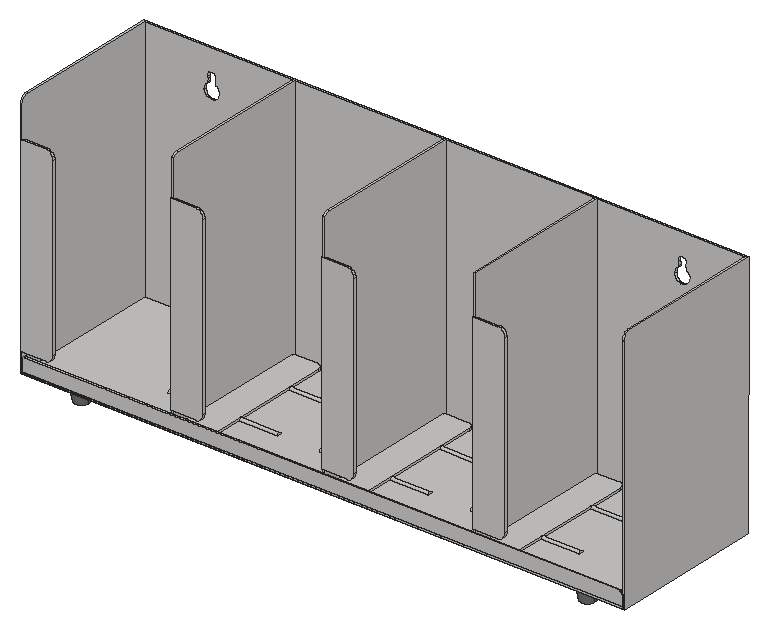
Revit family "QF_Vollrath_CTL4", category Specialty Equipment, Revit 2016
Family settings
  Part Type = Normal
  Round Connector Dimension = Use Diameter
  OmniClass Number = 23.40.40.00
  OmniClass Title = Food Service Equipment and Furnishings
  Work Plane-Based = Yes
  Always vertical = Yes
  Cut with Voids When Loaded = No
  Shared = No
  Room Calculation Point = No
Parameters
  Width = 19.5"
  Weight in Pounds = 0
  Watermarked By = ""
  URL Cutsheet = ""
  Specification by User [instance] = ""
  Specification by Manufacturer [instance] = ""
  Serial Number [instance] = ""
  Revision Code [instance] = ""
  NAFEM Spec ID Number [instance] = ""
  Model = "CTL-4"
  Masterspec [instance] = ""
  Manufacturer = "Vollrath"
  Item Number [instance] = "-"
  Installed By [instance] = ""
  Height = 8"
  Furnished By [instance] = ""
  Foodservice Equipment Identifier = yes
  Description = "4 Section Adjustable Organizer"
  Depth = 5"
  Default Elevation = 48"
  CSI MasterFormat = ""
Reference planes (in)
  plane 1 "BACK": y = 0
  plane 2 "BOTTOM": z = 0
  plane 3 "LEFT": x = -16.56573
  plane 4 "RIGHT": x = 2.93427
  plane 5 "FRONT": y = -5
  plane 6 "TOP": z = 8.4742
  plane 7 "Bottom of Body": z = 0.4742
  plane 8: x = -11.69073
  plane 9: x = -6.81573
  plane 10 "Caster Left": x = -14.98573
  plane 11 "Caster Right": x = 1.35427
  plane 12 "Caster Back": y = -0.5
  plane 13 "Caster Front": y = -4.5
  plane 14 "B1": y = -1.5
  plane 15 "F1": y = -3.5
  plane 16: x = -10.66073
  plane 17: x = -5.78573
  plane 18: x = -9.41073
  plane 19 "Left Low Bumper": x = -12.94073
  plane 20: x = -8.06573
  plane 21: x = -4.53573
  plane 22: x = -3.19073
  plane 23: x = -1.94073
  plane 24: x = -0.91073
Forms (in)
  Blend 1, solid, material "QF_Rubber-Black"
    base sketch origin (0, 0, 0) x (1, 0, 0) y (0, 1, 0)
      loop
        circle (-14.98573, -0.5) r 0.23
    top sketch origin (0, 0, 0) x (1, 0, 0) y (0, 1, 0)
      loop
        circle (-14.98573, -0.5) r 0.33
    from 0 to 0.4742
  Blend 2, solid, material "QF_Rubber-Black"
    base sketch origin (0, 0, 0) x (1, 0, 0) y (0, 1, 0)
      loop
        circle (-14.98573, -4.5) r 0.23
    top sketch origin (0, 0, 0) x (1, 0, 0) y (0, 1, 0)
      loop
        circle (-14.98573, -4.5) r 0.33
    from 0 to 0.4742
  Blend 3, solid, material "QF_Rubber-Black"
    base sketch origin (0, 0, 0) x (1, 0, 0) y (0, 1, 0)
      loop
        circle (1.35427, -0.5) r 0.23
    top sketch origin (0, 0, 0) x (1, 0, 0) y (0, 1, 0)
      loop
        circle (1.35427, -0.5) r 0.33
    from 0 to 0.4742
  Blend 4, solid, material "QF_Rubber-Black"
    base sketch origin (0, 0, 0) x (1, 0, 0) y (0, 1, 0)
      loop
        circle (1.35427, -4.5) r 0.23
    top sketch origin (0, 0, 0) x (1, 0, 0) y (0, 1, 0)
      loop
        circle (1.35427, -4.5) r 0.33
    from 0 to 0.4742
  Extrusion 5, solid, material "QF_Stainless-Polished"
    sketch origin (0, 0, 0.4742) x (0, 1, 0) y (-1, 0, 0)
      loop
        line (0, 16.56573) -> (-5, 16.56573) -> (-5, -2.93427) -> (0, -2.93427) -> (0, 16.56573)
    from 0 to 0.06
  Extrusion 6, solid, material "QF_Stainless-Polished"
    sketch origin (0, 0, 0) x (1, 0, 0) y (0, 0, 1)
      loop
        line (2.93427, 8.4742) -> (-16.56573, 8.4742) -> (-16.56573, 0.4742) -> (2.93427, 0.4742) -> (2.93427, 8.4742)
    from 0 to 0.06
  Extrusion 7, solid, material "QF_Stainless-Polished"
    sketch origin (-16.56573, 0, 0) x (0, 1, 0) y (0, 0, 1)
      loop
        line (0, 8.4742) -> (-4.75, 8.4742)
        arc (-4.75, 8.4742) -> (-4.92678, 8.40098) -> (-5, 8.2242) r 0.25
        line (-5, 8.2242) -> (-5, 0.4742) -> (0, 0.4742) -> (0, 8.4742)
    from 0 to 0.06
  Extrusion 8, solid, material "QF_Stainless-Polished"
    sketch origin (2.93427, 0, 0) x (0, 1, 0) y (0, 0, 1)
      loop
        line (0, 8.4742) -> (-4.75, 8.4742)
        arc (-4.75, 8.4742) -> (-4.92678, 8.40098) -> (-5, 8.2242) r 0.25
        line (-5, 8.2242) -> (-5, 0.4742) -> (0, 0.4742) -> (0, 8.4742)
    from 0 to -0.06
  Extrusion 9, solid, material "QF_Stainless-Polished"
    sketch origin (0, -5, 0) x (1, 0, 0) y (0, 0, 1)
      loop
        line (-16.50573, 0.4742) -> (2.87427, 0.4742) -> (2.87427, 0.8742)
        arc (2.87427, 0.8742) -> (2.84499, 0.94491) -> (2.77427, 0.9742) r 0.1
        line (2.77427, 0.9742) -> (-16.40573, 0.9742)
        arc (-16.40573, 0.9742) -> (-16.47644, 0.94491) -> (-16.50573, 0.8742) r 0.1
        line (-16.50573, 0.8742) -> (-16.50573, 0.4742)
    from 0 to -0.06
  Extrusion 10, solid, material "QF_Stainless-Polished"
    sketch origin (0, 0, 0.4742) x (0, 1, 0) y (-1, 0, 0)
      loop
        line (-0.06, 11.72073) -> (-4.94, 11.72073) -> (-4.94, 11.66073) -> (-0.06, 11.66073) -> (-0.06, 11.72073)
    from 0 to 8
  Extrusion 11, solid, material "QF_Stainless-Polished"
    sketch origin (0, 0, 0.4742) x (0, 1, 0) y (-1, 0, 0)
      loop
        line (-0.06, 6.84573) -> (-4.94, 6.84573) -> (-4.94, 6.78573) -> (-0.06, 6.78573) -> (-0.06, 6.84573)
    from 0 to 8
  Extrusion 12, void
    sketch origin (-16.56573, 0, 0) x (0, 1, 0) y (0, 0, 1)
      loop
        line (-4.75, 8.4742) -> (-5, 8.4742) -> (-5, 8.2242)
        arc (-5, 8.2242) -> (-4.92678, 8.40098) -> (-4.75, 8.4742) r 0.25
    from 0 to 19.5
  Extrusion 13, solid, material "QF_Stainless-Polished"
    sketch origin (0, -5, 0) x (1, 0, 0) y (0, 0, 1)
      loop
        line (-11.72073, 7.2242) -> (-11.72073, 1.0942) -> (-10.91073, 1.0942)
        arc (-10.91073, 1.0942) -> (-10.73395, 1.16742) -> (-10.66073, 1.3442) r 0.25
        line (-10.66073, 1.3442) -> (-10.66073, 6.9742)
        arc (-10.66073, 6.9742) -> (-10.73395, 7.15098) -> (-10.91073, 7.2242) r 0.25
        line (-10.91073, 7.2242) -> (-11.72073, 7.2242)
    from 0 to -0.06
  Extrusion 14, solid, material "QF_Stainless-Polished"
    sketch origin (0, -5, 0) x (1, 0, 0) y (0, 0, 1)
      loop
        line (-6.03573, 7.2242) -> (-6.84573, 7.2242) -> (-6.84573, 1.0942) -> (-6.03573, 1.0942)
        arc (-6.03573, 1.0942) -> (-5.85895, 1.16742) -> (-5.78573, 1.3442) r 0.25
        line (-5.78573, 1.3442) -> (-5.78573, 6.9742)
        arc (-5.78573, 6.9742) -> (-5.85895, 7.15098) -> (-6.03573, 7.2242) r 0.25
    from 0 to -0.06
  Extrusion 15, solid, material "QF_Stainless-Polished"
    sketch origin (0, -5, 0) x (1, 0, 0) y (0, 0, 1)
      loop
        line (-15.75573, 7.2242) -> (-16.56573, 7.2242) -> (-16.56573, 1.0942) -> (-15.75573, 1.0942)
        arc (-15.75573, 1.0942) -> (-15.57895, 1.16742) -> (-15.50573, 1.3442) r 0.25
        line (-15.50573, 1.3442) -> (-15.50573, 6.9742)
        arc (-15.50573, 6.9742) -> (-15.57895, 7.15098) -> (-15.75573, 7.2242) r 0.25
    from 0 to -0.06
  Extrusion 16, solid, material "QF_Stainless-Polished"
    sketch origin (0, 0, 0.5342) x (0, 1, 0) y (-1, 0, 0)
      loop
        line (-4.88, 11.66073) -> (-4.88, 10.91073)
        arc (-4.88, 10.91073) -> (-4.80678, 10.73395) -> (-4.63, 10.66073) r 0.25
        line (-4.63, 10.66073) -> (-0.37, 10.66073)
        arc (-0.37, 10.66073) -> (-0.19322, 10.73395) -> (-0.12, 10.91073) r 0.25
        line (-0.12, 10.91073) -> (-0.12, 11.66073) -> (-4.88, 11.66073)
    from 0 to 0.06
  Extrusion 17, solid, material "QF_Stainless-Polished"
    sketch origin (0, 0, 0.5342) x (0, 1, 0) y (-1, 0, 0)
      loop
        line (-0.12, 6.03573) -> (-0.12, 6.78573) -> (-4.88, 6.78573) -> (-4.88, 6.03573)
        arc (-4.88, 6.03573) -> (-4.80678, 5.85895) -> (-4.63, 5.78573) r 0.25
        line (-4.63, 5.78573) -> (-0.37, 5.78573)
        arc (-0.37, 5.78573) -> (-0.19322, 5.85895) -> (-0.12, 6.03573) r 0.25
    from 0 to 0.06
  Sweep 18, solid, material "QF_Stainless-Polished"
    path origin (0, 0, 0.4742) x (0, 1, 0) y (-1, 0, 0)
      loop
        line (-1.5, 12.94073) -> (-1.5, 11.72073)
    profile origin (-12.33073, -1.5, 0.4742) x (0, 1, 0) y (0, 0, 1)
      loop
        arc (0.06, 0.06) -> (0, 0.12) -> (-0.06, 0.06) r 0.06
        line (-0.06, 0.06) -> (0.06, 0.06)
  Sweep 19, solid, material "QF_Stainless-Polished"
    path origin (0, 0, 0.4742) x (0, 1, 0) y (-1, 0, 0)
      loop
        line (-3.5, 12.94073) -> (-3.5, 11.72073)
    profile origin (-12.33073, -3.5, 0.4742) x (0, 1, 0) y (0, 0, 1)
      loop
        line (-0.06, 0.06) -> (0.06, 0.06)
        arc (0.06, 0.06) -> (0, 0.12) -> (-0.06, 0.06) r 0.06
  Sweep 20, solid, material "QF_Stainless-Polished"
    path origin (0, 0, 0.4742) x (0, 1, 0) y (-1, 0, 0)
      loop
        line (-1.5, 10.66073) -> (-1.5, 9.41073)
    profile origin (-10.03573, -1.5, 0.4742) x (0, 1, 0) y (0, 0, 1)
      loop
        line (-0.06, 0.06) -> (0.06, 0.06)
        arc (0.06, 0.06) -> (0, 0.12) -> (-0.06, 0.06) r 0.06
  Sweep 21, solid, material "QF_Stainless-Polished"
    path origin (0, 0, 0.4742) x (0, 1, 0) y (-1, 0, 0)
      loop
        line (-3.5, 10.66073) -> (-3.5, 9.41073)
    profile origin (-10.03573, -3.5, 0.4742) x (0, 1, 0) y (0, 0, 1)
      loop
        line (-0.06, 0.06) -> (0.06, 0.06)
        arc (0.06, 0.06) -> (0, 0.12) -> (-0.06, 0.06) r 0.06
  Sweep 22, solid, material "QF_Stainless-Polished"
    path origin (0, 0, 0.4742) x (0, 1, 0) y (-1, 0, 0)
      loop
        line (-1.5, 6.84573) -> (-1.5, 8.06573)
    profile origin (-7.45573, -1.5, 0.4742) x (0, -1, 0) y (0, 0, 1)
      loop
        arc (0.06, 0.06) -> (0, 0.12) -> (-0.06, 0.06) r 0.06
        line (-0.06, 0.06) -> (0.06, 0.06)
  Sweep 23, solid, material "QF_Stainless-Polished"
    path origin (0, 0, 0.4742) x (0, 1, 0) y (-1, 0, 0)
      loop
        line (-3.5, 8.06573) -> (-3.5, 6.84573)
    profile origin (-7.45573, -3.5, 0.4742) x (0, 1, 0) y (0, 0, 1)
      loop
        line (-0.06, 0.06) -> (0.06, 0.06)
        arc (0.06, 0.06) -> (0, 0.12) -> (-0.06, 0.06) r 0.06
  Sweep 24, solid, material "QF_Stainless-Polished"
    path origin (0, 0, 0.4742) x (0, 1, 0) y (-1, 0, 0)
      loop
        line (-1.5, 5.78573) -> (-1.5, 4.53573)
    profile origin (-5.16073, -1.5, 0.4742) x (0, 1, 0) y (0, 0, 1)
      loop
        line (-0.06, 0.06) -> (0.06, 0.06)
        arc (0.06, 0.06) -> (0, 0.12) -> (-0.06, 0.06) r 0.06
  Sweep 25, solid, material "QF_Stainless-Polished"
    path origin (0, 0, 0.4742) x (0, 1, 0) y (-1, 0, 0)
      loop
        line (-3.5, 5.78573) -> (-3.5, 4.53573)
    profile origin (-5.16073, -3.5, 0.4742) x (0, 1, 0) y (0, 0, 1)
      loop
        line (-0.06, 0.06) -> (0.06, 0.06)
        arc (0.06, 0.06) -> (0, 0.12) -> (-0.06, 0.06) r 0.06
  Extrusion 26, void
    sketch origin (0, 0, 0) x (1, 0, 0) y (0, 0, 1)
      loop
        arc (-14.4757, 7.42693) -> (-14.55197, 7.33806) -> (-14.57941, 7.2242) r 0.25
        arc (-14.57941, 7.2242) -> (-14.32941, 6.9742) -> (-14.07941, 7.2242) r 0.25
        arc (-14.07941, 7.2242) -> (-14.10639, 7.33718) -> (-14.18153, 7.42577) r 0.25
        arc (-14.18153, 7.42577) -> (-14.20453, 7.45534) -> (-14.20553, 7.49278) r 0.06004
        arc (-14.20553, 7.49278) -> (-14.20619, 7.56937) -> (-14.20172, 7.64582) r 1.14202
        arc (-14.20172, 7.64582) -> (-14.3353, 7.78991) -> (-14.45513, 7.6342) r 0.12864
        arc (-14.45513, 7.6342) -> (-14.44524, 7.54991) -> (-14.4517, 7.46528) r 0.4408
        arc (-14.4517, 7.46528) -> (-14.45994, 7.44376) -> (-14.4757, 7.42693) r 0.06
    from 0 to 0.06
  Extrusion 27, void
    sketch origin (0, 0, 0) x (1, 0, 0) y (0, 0, 1)
      loop
        arc (1.11462, 7.2242) -> (1.08719, 7.33806) -> (1.01091, 7.42693) r 0.25
        arc (1.01091, 7.42693) -> (0.99516, 7.44376) -> (0.98691, 7.46528) r 0.06
        arc (0.98691, 7.46528) -> (0.98046, 7.54991) -> (0.99035, 7.6342) r 0.4408
        arc (0.99035, 7.6342) -> (0.86462, 7.79005) -> (0.7389, 7.6342) r 0.12864
        arc (0.7389, 7.6342) -> (0.74878, 7.54991) -> (0.74233, 7.46528) r 0.4408
        arc (0.74233, 7.46528) -> (0.73408, 7.44376) -> (0.71833, 7.42693) r 0.06
        arc (0.71833, 7.42693) -> (0.64205, 7.33806) -> (0.61462, 7.2242) r 0.25
        arc (0.61462, 7.2242) -> (0.86462, 6.9742) -> (1.11462, 7.2242) r 0.25
    from 0 to 0.06
  Extrusion 28, solid, material "QF_Stainless-Polished"
    sketch origin (0, 0, 0.4742) x (0, 1, 0) y (-1, 0, 0)
      loop
        line (-0.06, 1.97073) -> (-4.94, 1.97073) -> (-4.94, 1.91073) -> (-0.06, 1.91073) -> (-0.06, 1.97073)
    from 0 to 8
  Extrusion 29, solid, material "QF_Stainless-Polished"
    sketch origin (0, 0, 0.5342) x (0, 1, 0) y (-1, 0, 0)
      loop
        line (-0.12, 1.16073) -> (-0.12, 1.91073) -> (-4.88, 1.91073) -> (-4.88, 1.16073)
        arc (-4.88, 1.16073) -> (-4.80678, 0.98395) -> (-4.63, 0.91073) r 0.25
        line (-4.63, 0.91073) -> (-0.37, 0.91073)
        arc (-0.37, 0.91073) -> (-0.19322, 0.98395) -> (-0.12, 1.16073) r 0.25
    from 0 to 0.06
  Extrusion 30, solid, material "QF_Stainless-Polished"
    sketch origin (0, -5, 0) x (1, 0, 0) y (0, 0, 1)
      loop
        line (-1.16073, 7.2242) -> (-1.97073, 7.2242) -> (-1.97073, 1.0942) -> (-1.16073, 1.0942)
        arc (-1.16073, 1.0942) -> (-0.98395, 1.16742) -> (-0.91073, 1.3442) r 0.25
        line (-0.91073, 1.3442) -> (-0.91073, 6.9742)
        arc (-0.91073, 6.9742) -> (-0.98395, 7.15098) -> (-1.16073, 7.2242) r 0.25
    from 0 to -0.06
  Sweep 31, solid, material "QF_Stainless-Polished"
    path origin (0, 0, 0.4742) x (0, 1, 0) y (-1, 0, 0)
      loop
        line (-1.5, 3.19073) -> (-1.5, 1.97073)
    profile origin (-2.58073, -1.5, 0.4742) x (0, 1, 0) y (0, 0, 1)
      loop
        line (-0.06, 0.06) -> (0.06, 0.06)
        arc (0.06, 0.06) -> (0, 0.12) -> (-0.06, 0.06) r 0.06
  Sweep 32, solid, material "QF_Stainless-Polished"
    path origin (0, 0, 0.4742) x (0, 1, 0) y (-1, 0, 0)
      loop
        line (-3.5, 3.19073) -> (-3.5, 1.97073)
    profile origin (-2.58073, -3.5, 0.4742) x (0, 1, 0) y (0, 0, 1)
      loop
        line (-0.06, 0.06) -> (0.06, 0.06)
        arc (0.06, 0.06) -> (0, 0.12) -> (-0.06, 0.06) r 0.06
  Sweep 33, solid, material "QF_Stainless-Polished"
    path origin (0, 0, 0.4742) x (0, 1, 0) y (-1, 0, 0)
      loop
        line (-1.5, 0.91073) -> (-1.5, -0.33927)
    profile origin (-0.28573, -1.5, 0.4742) x (0, 1, 0) y (0, 0, 1)
      loop
        line (-0.06, 0.06) -> (0.06, 0.06)
        arc (0.06, 0.06) -> (0, 0.12) -> (-0.06, 0.06) r 0.06
  Sweep 34, solid, material "QF_Stainless-Polished"
    path origin (0, 0, 0.4742) x (0, 1, 0) y (-1, 0, 0)
      loop
        line (-3.5, 0.91073) -> (-3.5, -0.33927)
    profile origin (-0.28573, -3.5, 0.4742) x (0, 1, 0) y (0, 0, 1)
      loop
        line (-0.06, 0.06) -> (0.06, 0.06)
        arc (0.06, 0.06) -> (0, 0.12) -> (-0.06, 0.06) r 0.06
Cuts and joins
  Extrusion 12, Extrusion 26, Extrusion 27 cuts Extrusion 5
  Extrusion 12, Extrusion 26, Extrusion 27 cuts Extrusion 6
  Extrusion 12, Extrusion 26, Extrusion 27 cuts Extrusion 7
  Extrusion 12, Extrusion 26, Extrusion 27 cuts Extrusion 8
  Extrusion 12, Extrusion 26, Extrusion 27 cuts Extrusion 10
  Extrusion 12, Extrusion 26, Extrusion 27 cuts Extrusion 11
  Extrusion 26, Extrusion 27 cuts Extrusion 13
  Extrusion 26, Extrusion 27 cuts Extrusion 14
  Extrusion 26, Extrusion 27 cuts Extrusion 15
  Extrusion 26, Extrusion 27 cuts Extrusion 16
  Extrusion 26, Extrusion 27 cuts Extrusion 17
  joined: Extrusion 5, Extrusion 6, Extrusion 7, Extrusion 8, Extrusion 10, Extrusion 11, Extrusion 13, Extrusion 14, Extrusion 15, Extrusion 16, Extrusion 17, Extrusion 28, Extrusion 30
Lines and regions (in)
  symbolic lines
    curve 1: line (-16.56573, 0, 0.4742) -> (2.93427, 0, 0.4742)
    curve 2: line (-16.56573, -5, 0.4742) -> (-16.56573, 0, 0.4742)
    curve 3: line (2.93427, -5, 0.4742) -> (-16.56573, -5, 0.4742)
    curve 4: line (2.93427, 0, 0.4742) -> (2.93427, -5, 0.4742)
  symbolic lines, style "QF_Details_Surface"
    curve 5: line (-16.50573, -0.06, 0.4742) -> (2.87427, -0.06, 0.4742)
    curve 6: line (-16.50573, -4.94, 0.4742) -> (-16.50573, -0.06, 0.4742)
    curve 7: line (2.87427, -4.94, 0.4742) -> (-16.50573, -4.94, 0.4742)
    curve 8: line (2.87427, -0.06, 0.4742) -> (2.87427, -4.94, 0.4742)
    curve 9: line (-16.50573, -4.94, 0.4742) -> (-16.50573, -5, 0.4742)
    curve 10: line (2.87427, -4.94, 0.4742) -> (2.87427, -5, 0.4742)
    curve 11: line (-11.72073, -0.06, 0.4742) -> (-11.72073, -5, 0.4742)
    curve 12: line (-11.66073, -4.94, 0.4742) -> (-11.66073, -0.06, 0.4742)
    curve 13: line (-6.84573, -0.06, 0.4742) -> (-6.84573, -5, 0.4742)
    curve 14: line (-6.78573, -4.94, 0.4742) -> (-6.78573, -0.06, 0.4742)
    curve 15: line (-10.91073, -0.12, 0.4742) -> (-11.66073, -0.12, 0.4742)
    curve 16: line (-10.66073, -4.63, 0.4742) -> (-10.66073, -0.37, 0.4742)
    curve 17: arc (-10.66073, -0.37, 0.4742) -> (-10.73395, -0.19322, 0.4742) -> (-10.91073, -0.12, 0.4742) r 0.25
    curve 18: line (-11.66073, -4.88, 0.4742) -> (-10.91073, -4.88, 0.4742)
    curve 19: arc (-10.91073, -4.88, 0.4742) -> (-10.73395, -4.80678, 0.4742) -> (-10.66073, -4.63, 0.4742) r 0.25
    curve 20: line (-6.78573, -4.88, 0.4742) -> (-6.03573, -4.88, 0.4742)
    curve 21: arc (-6.03573, -4.88, 0.4742) -> (-5.85895, -4.80678, 0.4742) -> (-5.78573, -4.63, 0.4742) r 0.25
    curve 22: line (-5.78573, -4.63, 0.4742) -> (-5.78573, -0.37, 0.4742)
    curve 23: line (-6.03573, -0.12, 0.4742) -> (-6.78573, -0.12, 0.4742)
    curve 24: arc (-5.78573, -0.37, 0.4742) -> (-5.85895, -0.19322, 0.4742) -> (-6.03573, -0.12, 0.4742) r 0.25
    curve 25: line (-11.72073, -1.44, 0.4742) -> (-12.94073, -1.44, 0.4742)
    curve 26: line (-12.94073, -1.56, 0.4742) -> (-11.72073, -1.56, 0.4742)
    curve 27: line (-12.94073, -1.56, 0.4742) -> (-12.94073, -1.44, 0.4742)
    curve 28: line (-12.94073, -3.44, 0.4742) -> (-11.72073, -3.44, 0.4742)
    curve 29: line (-11.72073, -3.56, 0.4742) -> (-12.94073, -3.56, 0.4742)
    curve 30: line (-12.94073, -3.56, 0.4742) -> (-12.94073, -3.44, 0.4742)
    curve 31: line (-9.41073, -3.56, 0.4742) -> (-10.66073, -3.56, 0.4742)
    curve 32: line (-10.66073, -3.44, 0.4742) -> (-9.41073, -3.44, 0.4742)
    curve 33: line (-9.41073, -3.56, 0.4742) -> (-9.41073, -3.44, 0.4742)
    curve 34: line (-9.41073, -1.56, 0.4742) -> (-10.66073, -1.56, 0.4742)
    curve 35: line (-10.66073, -1.44, 0.4742) -> (-9.41073, -1.44, 0.4742)
    curve 36: line (-9.41073, -1.56, 0.4742) -> (-9.41073, -1.44, 0.4742)
    curve 37: line (-8.06573, -1.56, 0.4742) -> (-6.84573, -1.56, 0.4742)
    curve 38: line (-6.84573, -1.44, 0.4742) -> (-8.06573, -1.44, 0.4742)
    curve 39: line (-8.06573, -1.44, 0.4742) -> (-8.06573, -1.56, 0.4742)
    curve 40: line (-6.84573, -3.56, 0.4742) -> (-8.06573, -3.56, 0.4742)
    curve 41: line (-8.06573, -3.44, 0.4742) -> (-6.84573, -3.44, 0.4742)
    curve 42: line (-8.06573, -3.56, 0.4742) -> (-8.06573, -3.44, 0.4742)
    curve 43: line (-4.53573, -3.56, 0.4742) -> (-5.78573, -3.56, 0.4742)
    curve 44: line (-5.78573, -3.44, 0.4742) -> (-4.53573, -3.44, 0.4742)
    curve 45: line (-4.53573, -3.56, 0.4742) -> (-4.53573, -3.44, 0.4742)
    curve 46: line (-4.53573, -1.56, 0.4742) -> (-5.78573, -1.56, 0.4742)
    curve 47: line (-5.78573, -1.44, 0.4742) -> (-4.53573, -1.44, 0.4742)
    curve 48: line (-4.53573, -1.56, 0.4742) -> (-4.53573, -1.44, 0.4742)
    curve 49: line (-1.97073, -0.06, 0.4742) -> (-1.97073, -5, 0.4742)
    curve 50: line (-1.91073, -4.94, 0.4742) -> (-1.91073, -0.06, 0.4742)
    curve 51: line (-1.16073, -0.12, 0.4742) -> (-1.91073, -0.12, 0.4742)
    curve 52: arc (-0.91073, -0.37, 0.4742) -> (-0.98395, -0.19322, 0.4742) -> (-1.16073, -0.12, 0.4742) r 0.25
    curve 53: line (-0.91073, -4.63, 0.4742) -> (-0.91073, -0.37, 0.4742)
    curve 54: arc (-1.16073, -4.88, 0.4742) -> (-0.98395, -4.80678, 0.4742) -> (-0.91073, -4.63, 0.4742) r 0.25
    curve 55: line (-1.91073, -4.88, 0.4742) -> (-1.16073, -4.88, 0.4742)
    curve 56: line (-3.19073, -3.44, 0.4742) -> (-1.97073, -3.44, 0.4742)
    curve 57: line (-1.97073, -3.56, 0.4742) -> (-3.19073, -3.56, 0.4742)
    curve 58: line (-3.19073, -3.56, 0.4742) -> (-3.19073, -3.44, 0.4742)
    curve 59: line (-1.97073, -1.56, 0.4742) -> (-3.19073, -1.56, 0.4742)
    curve 60: line (-3.19073, -1.44, 0.4742) -> (-1.97073, -1.44, 0.4742)
    curve 61: line (-3.19073, -1.56, 0.4742) -> (-3.19073, -1.44, 0.4742)
    curve 62: line (0.33927, -1.56, 0.4742) -> (-0.91073, -1.56, 0.4742)
    curve 63: line (-0.91073, -1.44, 0.4742) -> (0.33927, -1.44, 0.4742)
    curve 64: line (0.33927, -1.56, 0.4742) -> (0.33927, -1.44, 0.4742)
    curve 65: line (-0.91073, -3.44, 0.4742) -> (0.33927, -3.44, 0.4742)
    curve 66: line (0.33927, -3.56, 0.4742) -> (-0.91073, -3.56, 0.4742)
    curve 67: line (0.33927, -3.56, 0.4742) -> (0.33927, -3.44, 0.4742)
Dimensions and locks (in)
  "Width": plane 3 "LEFT" to plane 4 "RIGHT"
  "Depth": plane 5 "FRONT" to plane 1 "BACK"
  locked: plane 7 "Bottom of Body" to level at 0.4742
  "Height": plane 6 "TOP" to plane 7 "Bottom of Body"
  locked: plane 3 "LEFT" to plane 10 "Caster Left" at 1.58
  locked: plane 11 "Caster Right" to plane 4 "RIGHT" at 1.58
  locked: plane 12 "Caster Back" to plane 1 "BACK" at 0.5
  locked: plane 5 "FRONT" to plane 13 "Caster Front" at 0.5
  locked: plane 14 "B1" to plane 1 "BACK" at 1.5
  locked: plane 5 "FRONT" to plane 15 "F1" at 1.5
  locked: plane 9 to plane 17 at 1.03
  locked: plane 8 to plane 16 at 1.03
  locked: plane 16 to plane 18 at 1.25
  locked: plane 19 "Left Low Bumper" to plane 8 at 1.25
  locked: plane 20 to plane 9 at 1.25
  locked: plane 17 to plane 21 at 1.25
  locked: plane 22 to plane 23 at 1.25
  locked: plane 23 to plane 24 at 1.03
  equal spacing: plane 3 "LEFT", plane 8, plane 9, plane 23, plane 4 "RIGHT"
  aligned and locked: level to plane 2 "BOTTOM"
  aligned and locked: plane 7 "Bottom of Body" to Blend 1
  aligned and locked: plane 7 "Bottom of Body" to Blend 3
  aligned and locked: plane 7 "Bottom of Body" to Blend 2
  aligned and locked: plane 7 "Bottom of Body" to Blend 4
  aligned and locked: plane 1 "BACK" to Extrusion 5 sketch curve
  aligned and locked: plane 3 "LEFT" to Extrusion 5 sketch curve
  aligned and locked: Extrusion 5 sketch curve to plane 5 "FRONT"
  aligned and locked: Extrusion 5 sketch curve to plane 4 "RIGHT"
  aligned and locked: plane 6 "TOP" to Extrusion 6 sketch curve
  aligned and locked: Extrusion 6 sketch curve to Extrusion 5  (x2)
  aligned and locked: Extrusion 6 sketch curve to plane 4 "RIGHT"
  aligned and locked: Extrusion 10 sketch curve to Extrusion 9
  aligned and locked: plane 6 "TOP" to Extrusion 10
  aligned and locked: Extrusion 11 sketch curve to Extrusion 9
  aligned and locked: plane 6 "TOP" to Extrusion 11
  aligned and locked: plane 4 "RIGHT" to Extrusion 12
  aligned and locked: Extrusion 13 sketch curve to cut or joined group 1 (Extrusion 5, Extrusion 6, Extrusion 7, Extrusion 8, Extrusion 10, Extrusion 11, Extrusion 12, Extrusion 13, Extrusion 14, Extrusion 15, Extrusion 16, Extrusion 17, Extrusion 26, Extrusion 27, Extrusion 28, Extrusion 30)
  aligned and locked: cut or joined group 1 to Sweep 18 sketch curve
  aligned and locked: plane 14 "B1" to Sweep 18 sketch curve
  aligned and locked: plane 15 "F1" to Sweep 19 sketch curve
  aligned and locked: cut or joined group 1 to Sweep 19 sketch curve
  aligned and locked: plane 14 "B1" to Sweep 20 sketch curve
  aligned and locked: Sweep 20 sketch curve to Sweep 18
  aligned and locked: plane 15 "F1" to Sweep 21 sketch curve
  aligned and locked: Sweep 21 sketch curve to Sweep 19
  aligned and locked: Sweep 22 sketch curve to plane 14 "B1"
  aligned and locked: Sweep 22 sketch curve to Sweep 18
  aligned and locked: plane 15 "F1" to Sweep 23 sketch curve
  aligned and locked: Sweep 23 sketch curve to Sweep 19
  aligned and locked: plane 14 "B1" to Sweep 24 sketch curve
  aligned and locked: Sweep 24 sketch curve to Sweep 18
  aligned and locked: plane 15 "F1" to Sweep 25 sketch curve
  aligned and locked: Sweep 25 sketch curve to Sweep 19
  aligned and locked: curve 1 to cut or joined group 1
  aligned and locked: curve 2 to cut or joined group 1
  aligned and locked: curve 3 to cut or joined group 1
  aligned and locked: curve 4 to cut or joined group 1
  aligned and locked: curve 5 to cut or joined group 1
  aligned and locked: cut or joined group 1 to curve 6
  aligned and locked: curve 7 to Extrusion 9
  aligned and locked: curve 8 to Extrusion 9
  aligned and locked: curve 11 to cut or joined group 1
  aligned and locked: curve 12 to cut or joined group 1
  aligned and locked: curve 13 to cut or joined group 1
  aligned and locked: curve 14 to cut or joined group 1
  aligned and locked: curve 15 to cut or joined group 1
  aligned and locked: curve 16 to cut or joined group 1
  aligned and locked: cut or joined group 1 to curve 18
  aligned and locked: cut or joined group 1 to curve 20
  aligned and locked: curve 22 to cut or joined group 1
  aligned and locked: curve 23 to cut or joined group 1
  aligned and locked: curve 25 to Sweep 18
  aligned and locked: curve 26 to Sweep 18
  aligned and locked: curve 27 to Sweep 18
  aligned and locked: curve 28 to Sweep 19
  aligned and locked: curve 29 to Sweep 19
  aligned and locked: curve 30 to Sweep 19
  aligned and locked: curve 31 to Sweep 21
  aligned and locked: curve 32 to Sweep 21
  aligned and locked: curve 33 to Sweep 21
  aligned and locked: curve 34 to Sweep 20
  aligned and locked: curve 35 to Sweep 20
  aligned and locked: curve 36 to Sweep 20
  aligned and locked: curve 37 to Sweep 22
  aligned and locked: curve 38 to Sweep 22
  aligned and locked: curve 39 to Sweep 22
  aligned and locked: curve 40 to Sweep 23
  aligned and locked: curve 41 to Sweep 23
  aligned and locked: curve 42 to Sweep 23
  aligned and locked: curve 43 to Sweep 25
  aligned and locked: curve 44 to Sweep 25
  aligned and locked: curve 45 to Sweep 25
  aligned and locked: curve 46 to Sweep 24
  aligned and locked: curve 47 to Sweep 24
  aligned and locked: curve 48 to Sweep 24
  aligned and locked: cut or joined group 1 to Extrusion 28 sketch curve
  aligned and locked: Extrusion 9 to Extrusion 28 sketch curve
  aligned and locked: plane 6 "TOP" to Extrusion 28
  aligned and locked: plane 14 "B1" to Sweep 31 sketch curve
  aligned and locked: Sweep 31 sketch curve to Sweep 18
  aligned and locked: plane 15 "F1" to Sweep 32 sketch curve
  aligned and locked: Sweep 32 sketch curve to Sweep 19
  aligned and locked: Sweep 34 sketch curve to Sweep 19
  aligned and locked: curve 49 to cut or joined group 1
  aligned and locked: curve 50 to cut or joined group 1
  aligned and locked: curve 51 to Extrusion 29
  aligned and locked: Extrusion 29 to curve 55
  aligned and locked: curve 56 to Sweep 32
  aligned and locked: curve 57 to Sweep 32
  aligned and locked: curve 59 to Sweep 31
  aligned and locked: curve 60 to Sweep 31
  aligned and locked: curve 61 to Sweep 31
  aligned and locked: curve 62 to Sweep 33
  aligned and locked: Sweep 33 to curve 63
  aligned and locked: curve 64 to Sweep 33
  aligned and locked: Sweep 34 to curve 65
  aligned and locked: curve 66 to Sweep 34
  aligned and locked: curve 67 to Sweep 34
  aligned and locked: plane 24 to Extrusion 30 sketch curve
Automatic sketch dimensions
  Blend 1 sketch curve to plane 10 "Caster Left" = 0"  (x2)
  plane 12 "Caster Back" to Blend 1 sketch curve = 0"  (x2)
  Blend 2 sketch curve to plane 10 "Caster Left" = 0"  (x2)
  plane 13 "Caster Front" to Blend 2 sketch curve = 0"  (x2)
  Blend 3 sketch curve to plane 11 "Caster Right" = 0"  (x2)
  plane 12 "Caster Back" to Blend 3 sketch curve = 0"  (x2)
  Blend 4 sketch curve to plane 11 "Caster Right" = 0"  (x2)
  plane 13 "Caster Front" to Blend 4 sketch curve = 0"  (x2)
  Extrusion 7 sketch curve to Extrusion 7 sketch curve = 0.25"
  Extrusion 8 sketch curve to Extrusion 8 sketch curve = 0.25"
  Extrusion 9 sketch curve to plane 7 "Bottom of Body" = 0"
  plane 3 "LEFT" to Extrusion 9 sketch curve = 0.06"
  Extrusion 9 sketch curve to Extrusion 9 sketch curve = 0.1"
  Extrusion 9 sketch curve to plane 4 "RIGHT" = 0.16"
  Extrusion 9 sketch curve to plane 4 "RIGHT" = 0.06"
  Extrusion 9 sketch curve to Extrusion 9 sketch curve = 0.4"
  Extrusion 10 sketch curve to plane 8 = 0.03"
  plane 8 to Extrusion 10 sketch curve = 0.03"
  Extrusion 11 sketch curve to plane 9 = 0.03"
  plane 9 to Extrusion 11 sketch curve = 0.03"
  Extrusion 12 sketch curve to plane 5 "FRONT" = 0"  (x2)
  Extrusion 12 sketch curve to Extrusion 12 sketch curve = 0.25"
  level to Extrusion 12 sketch curve = 8.2242"
  plane 6 "TOP" to Extrusion 12 sketch curve = 0"
  plane 1 "BACK" to Extrusion 12 sketch curve = 4.75"
  Extrusion 12 sketch curve to plane 6 "TOP" = 0"
  Extrusion 13 sketch curve to Extrusion 13 sketch curve = 0.81"
  Extrusion 13 sketch curve to Extrusion 13 sketch curve = 0.25"  (x2)
  plane 7 "Bottom of Body" to Extrusion 13 sketch curve = 0.62"
  Extrusion 13 sketch curve to plane 6 "TOP" = 1.5"
  plane 8 to Extrusion 14 sketch curve = 5.655"
  Extrusion 14 sketch curve to plane 6 "TOP" = 1.5"
  Extrusion 14 sketch curve to Extrusion 14 sketch curve = 0.25"  (x2)
  plane 7 "Bottom of Body" to Extrusion 14 sketch curve = 0.87"
  plane 8 to Extrusion 14 sketch curve = 4.845"
  Extrusion 7 sketch curve to plane 5 "FRONT" = 0"
  Extrusion 7 sketch curve to plane 1 "BACK" = 0"
  Extrusion 7 sketch curve to plane 7 "Bottom of Body" = 0"
  Extrusion 7 sketch curve to plane 6 "TOP" = 0"
  Extrusion 8 sketch curve to plane 5 "FRONT" = 0"
  Extrusion 8 sketch curve to plane 1 "BACK" = 0"
  Extrusion 8 sketch curve to plane 7 "Bottom of Body" = 0"
  Extrusion 8 sketch curve to plane 6 "TOP" = 0"
  plane 1 "BACK" to Extrusion 10 sketch curve = 0.06"
  plane 1 "BACK" to Extrusion 11 sketch curve = 0.06"
  Extrusion 15 sketch curve to plane 8 = 4.065"
  Extrusion 15 sketch curve to Extrusion 15 sketch curve = 0.25"  (x2)
  Extrusion 15 sketch curve to plane 8 = 4.875"
  Extrusion 15 sketch curve to plane 6 "TOP" = 1.25"
  plane 7 "Bottom of Body" to Extrusion 15 sketch curve = 0.62"
  Extrusion 16 sketch curve to Extrusion 5 = 0.12"  (x2)
  Extrusion 16 sketch curve to Extrusion 16 sketch curve = 0.25"
  Extrusion 16 sketch curve to Extrusion 5 = 0.37"
  Extrusion 16 sketch curve to Extrusion 5 = 5.905"
  Extrusion 16 sketch curve to Extrusion 16 sketch curve = 0.75"
  Extrusion 17 sketch curve to Extrusion 5 = 0.12"  (x2)
  Extrusion 17 sketch curve to Extrusion 17 sketch curve = 0.25"
  Extrusion 17 sketch curve to Extrusion 5 = 0.37"
  Extrusion 17 sketch curve to Extrusion 5 = 8.72"
  Extrusion 17 sketch curve to Extrusion 17 sketch curve = 0.75"
  Sweep 18 sketch curve to plane 19 "Left Low Bumper" = 0"
  Sweep 18 sketch curve to plane 8 = 0.03"
  Sweep 18 sketch curve to profile plane = 0"
  Sweep 18 sketch curve to profile plane = 0.06"
  Sweep 19 sketch curve to plane 19 "Left Low Bumper" = 0"
  Sweep 19 sketch curve to plane 8 = 0.03"
  Sweep 19 sketch curve to profile plane = 0"
  profile plane to Sweep 19 sketch curve = 0.06"
  Sweep 20 sketch curve to plane 18 = 0"
  Sweep 20 sketch curve to plane 16 = 0"
  Sweep 20 sketch curve to profile plane = 0"
  profile plane to Sweep 20 sketch curve = 0.06"
  Sweep 21 sketch curve to plane 18 = 0"
  Sweep 21 sketch curve to plane 16 = 0"
  Sweep 21 sketch curve to profile plane = 0"
  profile plane to Sweep 21 sketch curve = 0.06"
  Sweep 22 sketch curve to plane 20 = 0"
  Sweep 22 sketch curve to plane 9 = 0.03"
  Sweep 22 sketch curve to profile plane = 0"
  Sweep 22 sketch curve to Sweep 22 sketch curve = 0.06"
  Sweep 23 sketch curve to plane 20 = 0"
  Sweep 23 sketch curve to plane 9 = 0.03"
  Sweep 23 sketch curve to profile plane = 0"
  profile plane to Sweep 23 sketch curve = 0.06"
  Sweep 24 sketch curve to plane 21 = 0"
  Sweep 24 sketch curve to plane 17 = 0"
  Sweep 24 sketch curve to profile plane = 0"
  profile plane to Sweep 24 sketch curve = 0.06"
  Sweep 25 sketch curve to plane 21 = 0"
  Sweep 25 sketch curve to plane 17 = 0"
  Sweep 25 sketch curve to profile plane = 0"
  profile plane to Sweep 25 sketch curve = 0.06"
  Extrusion 26 sketch curve to Extrusion 26 sketch curve = 0"  (x5)
  plane 10 "Caster Left" to Extrusion 26 sketch curve = 0.09977"
  Extrusion 26 sketch curve to Extrusion 26 sketch curve = 0.37515"
  Extrusion 26 sketch curve to Extrusion 26 sketch curve = 0.1814"  (x3)
  Extrusion 26 sketch curve to plane 19 "Left Low Bumper" = 0.1238"
  Extrusion 26 sketch curve to plane 6 "TOP" = 1.25"
  Extrusion 26 sketch curve to Extrusion 26 sketch curve = 0.25138"  (x2)
  Extrusion 26 sketch curve to Extrusion 26 sketch curve = 0.06537"  (x2)
  Extrusion 26 sketch curve to Extrusion 26 sketch curve = 0.18583"
  Extrusion 26 sketch curve to Extrusion 26 sketch curve = 0.25"
  Extrusion 26 sketch curve to Extrusion 26 sketch curve = 0.12572"
  Extrusion 26 sketch curve to Extrusion 26 sketch curve = 0.024"
  plane 13 "Caster Front" to curve 16 = 0.13"
  curve 16 to plane 12 "Caster Back" = 0.13"
  curve 20 to plane 17 = 0.25"
  curve 22 to plane 12 "Caster Back" = 0.13"
  Extrusion 27 sketch curve to Extrusion 27 sketch curve = 0"  (x5)
  Extrusion 27 sketch curve to plane 11 "Caster Right" = 1.0462"
  Extrusion 27 sketch curve to Extrusion 27 sketch curve = 0.37515"
  Extrusion 27 sketch curve to Extrusion 27 sketch curve = 0.1814"  (x3)
  plane 11 "Caster Right" to Extrusion 27 sketch curve = 0.0669"
  Extrusion 27 sketch curve to plane 6 "TOP" = 1.25"
  Extrusion 27 sketch curve to Extrusion 27 sketch curve = 0.25138"  (x2)
  Extrusion 27 sketch curve to Extrusion 27 sketch curve = 0.06537"  (x2)
  Extrusion 27 sketch curve to Extrusion 27 sketch curve = 0.18583"
  Extrusion 27 sketch curve to Extrusion 27 sketch curve = 0.25"
  Extrusion 27 sketch curve to Extrusion 27 sketch curve = 0.12572"
  Extrusion 27 sketch curve to Extrusion 27 sketch curve = 0.024"
  Extrusion 28 sketch curve to plane 23 = 0.03"
  plane 23 to Extrusion 28 sketch curve = 0.03"
  Extrusion 29 sketch curve to Extrusion 5 = 0.12"  (x2)
  Extrusion 29 sketch curve to Extrusion 29 sketch curve = 0.25"
  Extrusion 29 sketch curve to Extrusion 5 = 0.37"
  Extrusion 29 sketch curve to Extrusion 5 = 3.845"
  Extrusion 29 sketch curve to Extrusion 29 sketch curve = 0.75"
  Extrusion 30 sketch curve to plane 6 "TOP" = 1.5"
  Extrusion 30 sketch curve to Extrusion 30 sketch curve = 0.25"
  plane 7 "Bottom of Body" to Extrusion 30 sketch curve = 0.62"
  Extrusion 30 sketch curve to plane 6 "TOP" = 1.25"
  Extrusion 30 sketch curve to plane 23 = 0.03"
  Sweep 31 sketch curve to plane 22 = 0"
  Sweep 31 sketch curve to plane 23 = 0.03"
  Sweep 31 sketch curve to profile plane = 0"
  profile plane to Sweep 31 sketch curve = 0.06"
  Sweep 32 sketch curve to plane 22 = 0"
  Sweep 32 sketch curve to plane 23 = 0.03"
  Sweep 32 sketch curve to profile plane = 0"
  profile plane to Sweep 32 sketch curve = 0.06"
  Sweep 33 sketch curve to plane 11 "Caster Right" = 1.015"
  plane 14 "B1" to Sweep 33 sketch curve = 0"
  plane 24 to Sweep 33 sketch curve = 0"
  Sweep 33 sketch curve to profile plane = 0"
  plane 7 "Bottom of Body" to Sweep 33 sketch curve = 0.06"
  profile plane to Sweep 33 sketch curve = 0.06"
  plane 15 "F1" to Sweep 34 sketch curve = 0"
  plane 24 to Sweep 34 sketch curve = 0"
  Sweep 34 sketch curve to plane 11 "Caster Right" = 1.015"
  Sweep 34 sketch curve to profile plane = 0"
  profile plane to Sweep 34 sketch curve = 0.06"
  curve 51 to plane 24 = 0.25"
  plane 13 "Caster Front" to curve 53 = 0.13"
  curve 58 to plane 22 = 0"
  curve 52 to plane 24 = 0"
  radius of Blend 1 sketch curve = 0.23"
  radius of Blend 1 sketch curve = 0.33"
  radius of Blend 2 sketch curve = 0.23"
  radius of Blend 2 sketch curve = 0.33"
  radius of Blend 3 sketch curve = 0.23"
  radius of Blend 3 sketch curve = 0.33"
  radius of Blend 4 sketch curve = 0.23"
  radius of Blend 4 sketch curve = 0.33"
